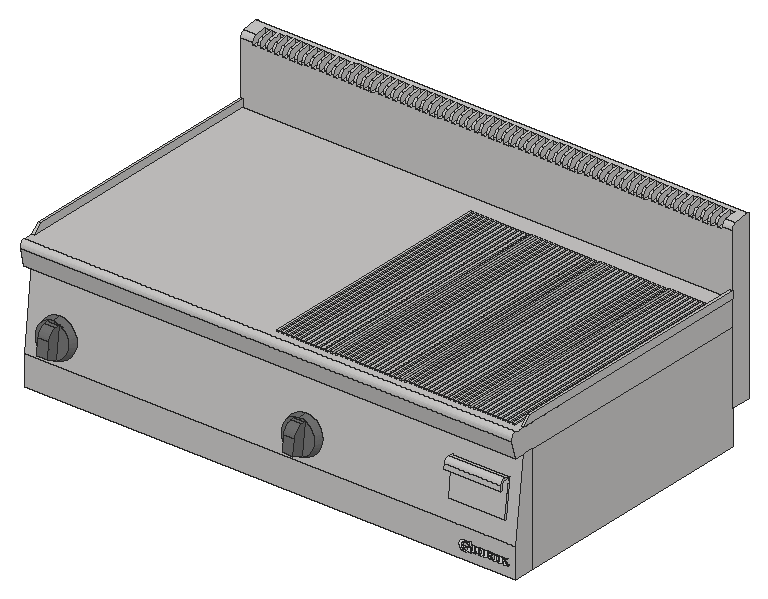
Revit family "QF_GIORIK_LGE6967", category Specialty Equipment, Revit 2014
Parameters (values of type "LGE6967")
  Weight in Pounds = 209.4389
  Watts = 10800 W
  Volts = 400 V
  URL Cutsheet = "www.giorik.com"
  URL = "www.giorik.com"
  Status [instance] = ""
  Specification by User [instance] = ""
  Specification by Manufacturer = ""
  Show Logo [instance] = yes
  Show Clearance [instance] = yes
  Serial Number = ""
  Seismic Rating = ""
  SMACNA No = ""
  Revision Code [instance] = ""
  Phase = 3
  Number of Poles [instance] = 3
  NAFEM Spec ID Number = ""
  Model = "LGE6967"
  Min Ckt Ampacity = 0 A
  Max Overcurrent Protection = 0 A
  Masterspec = ""
  Manufacturer = "GIORIK"
  Item Number [instance] = ""
  Installed By [instance] = ""
  Identify Quantity as Lot [instance] = no
  HP = "14.483016000000"
  Furnished By [instance] = ""
  Foodservice Equipment Identifier [instance] = yes
  FL Amps = 0 A
  Electrical Remarks [instance] = ""
  Electric Connection Type [instance] = ""
  Elec Conn RI Height [instance] = 0 mm
  Elec Conn Connection Height [instance] = 45 mm
  Description = "COUNTERTOP GAS GRIDDLE - SMOOTH/RIBBEDPLATE"
  Cycle = 50 Hz
  Conn Plug = ""
  CSI MasterFormat = ""
  Assembly Code = "E1090320"
  Apparent Power = 10800 VA
Reference planes
  plane 1 "Back": y = 0
  plane 2: z = 0
  plane 3 "Left": x = 0
  plane 4 "Right": x = 1000
  plane 5 "Front": y = -600
  plane 6 "Top": z = 430
Forms (mm)
  Extrusion 1, solid
    sketch origin (437.5, 54.539, -573.525) x (1, 0, 0) y (0, 1, 0)
      loop
        line (62.5, -135) -> (62.5, -628.345) -> (67.5, -628.345) -> (67.5, -135) -> (62.5, -135)
      loop
        line (72.5, -135) -> (72.5, -628.345) -> (77.5, -628.345) -> (77.5, -135) -> (72.5, -135)
      loop
        line (82.5, -135) -> (82.5, -628.345) -> (87.5, -628.345) -> (87.5, -135) -> (82.5, -135)
      loop
        line (92.5, -135) -> (92.5, -628.345) -> (97.5, -628.345) -> (97.5, -135) -> (92.5, -135)
      loop
        line (102.5, -135) -> (102.5, -628.345) -> (107.5, -628.345) -> (107.5, -135) -> (102.5, -135)
      loop
        line (112.5, -135) -> (112.5, -628.345) -> (117.5, -628.345) -> (117.5, -135) -> (112.5, -135)
      loop
        line (122.5, -135) -> (122.5, -628.345) -> (127.5, -628.345) -> (127.5, -135) -> (122.5, -135)
      loop
        line (132.5, -135) -> (132.5, -628.345) -> (137.5, -628.345) -> (137.5, -135) -> (132.5, -135)
      loop
        line (142.5, -135) -> (142.5, -628.345) -> (147.5, -628.345) -> (147.5, -135) -> (142.5, -135)
      loop
        line (152.5, -135) -> (152.5, -628.345) -> (157.5, -628.345) -> (157.5, -135) -> (152.5, -135)
      loop
        line (162.5, -135) -> (162.5, -628.345) -> (167.5, -628.345) -> (167.5, -135) -> (162.5, -135)
      loop
        line (172.5, -135) -> (172.5, -628.345) -> (177.5, -628.345) -> (177.5, -135) -> (172.5, -135)
      loop
        line (182.5, -135) -> (182.5, -628.345) -> (187.5, -628.345) -> (187.5, -135) -> (182.5, -135)
      loop
        line (192.5, -135) -> (192.5, -628.345) -> (197.5, -628.345) -> (197.5, -135) -> (192.5, -135)
      loop
        line (202.5, -135) -> (202.5, -628.345) -> (207.5, -628.345) -> (207.5, -135) -> (202.5, -135)
      loop
        line (212.5, -135) -> (212.5, -628.345) -> (217.5, -628.345) -> (217.5, -135) -> (212.5, -135)
      loop
        line (222.5, -135) -> (222.5, -628.345) -> (227.5, -628.345) -> (227.5, -135) -> (222.5, -135)
      loop
        line (232.5, -135) -> (232.5, -628.345) -> (237.5, -628.345) -> (237.5, -135) -> (232.5, -135)
      loop
        line (242.5, -135) -> (242.5, -628.345) -> (247.5, -628.345) -> (247.5, -135) -> (242.5, -135)
      loop
        line (252.5, -135) -> (252.5, -628.345) -> (257.5, -628.345) -> (257.5, -135) -> (252.5, -135)
      loop
        line (262.5, -135) -> (262.5, -628.345) -> (267.5, -628.345) -> (267.5, -135) -> (262.5, -135)
      loop
        line (272.5, -135) -> (272.5, -628.345) -> (277.5, -628.345) -> (277.5, -135) -> (272.5, -135)
      loop
        line (282.5, -135) -> (282.5, -628.345) -> (287.5, -628.345) -> (287.5, -135) -> (282.5, -135)
      loop
        line (292.5, -135) -> (292.5, -628.345) -> (297.5, -628.345) -> (297.5, -135) -> (292.5, -135)
      loop
        line (302.5, -135) -> (302.5, -628.345) -> (307.5, -628.345) -> (307.5, -135) -> (302.5, -135)
      loop
        line (312.5, -135) -> (312.5, -628.345) -> (317.5, -628.345) -> (317.5, -135) -> (312.5, -135)
      loop
        line (322.5, -135) -> (322.5, -628.345) -> (327.5, -628.345) -> (327.5, -135) -> (322.5, -135)
      loop
        line (332.5, -135) -> (332.5, -628.345) -> (337.5, -628.345) -> (337.5, -135) -> (332.5, -135)
      loop
        line (342.5, -135) -> (342.5, -628.345) -> (347.5, -628.345) -> (347.5, -135) -> (342.5, -135)
      loop
        line (352.5, -135) -> (352.5, -628.345) -> (357.5, -628.345) -> (357.5, -135) -> (352.5, -135)
      loop
        line (362.5, -135) -> (362.5, -628.345) -> (367.5, -628.345) -> (367.5, -135) -> (362.5, -135)
      loop
        line (372.5, -135) -> (372.5, -628.345) -> (377.5, -628.345) -> (377.5, -135) -> (372.5, -135)
      loop
        line (382.5, -135) -> (382.5, -628.345) -> (387.5, -628.345) -> (387.5, -135) -> (382.5, -135)
      loop
        line (392.5, -135) -> (392.5, -628.345) -> (397.5, -628.345) -> (397.5, -135) -> (392.5, -135)
      loop
        line (402.5, -135) -> (402.5, -628.345) -> (407.5, -628.345) -> (407.5, -135) -> (402.5, -135)
      loop
        line (412.5, -135) -> (412.5, -628.345) -> (417.5, -628.345) -> (417.5, -135) -> (412.5, -135)
      loop
        line (422.5, -135) -> (422.5, -628.345) -> (427.5, -628.345) -> (427.5, -135) -> (422.5, -135)
      loop
        line (432.5, -135) -> (432.5, -628.345) -> (437.5, -628.345) -> (437.5, -135) -> (432.5, -135)
      loop
        line (442.5, -135) -> (442.5, -628.345) -> (447.5, -628.345) -> (447.5, -135) -> (442.5, -135)
      loop
        line (452.5, -135) -> (452.5, -628.345) -> (457.5, -628.345) -> (457.5, -135) -> (452.5, -135)
      loop
        line (462.5, -135) -> (462.5, -628.345) -> (467.5, -628.345) -> (467.5, -135) -> (462.5, -135)
      loop
        line (472.5, -135) -> (472.5, -628.345) -> (477.5, -628.345) -> (477.5, -135) -> (472.5, -135)
      loop
        line (482.5, -135) -> (482.5, -628.345) -> (487.5, -628.345) -> (487.5, -135) -> (482.5, -135)
      loop
        line (492.5, -135) -> (492.5, -628.345) -> (497.5, -628.345) -> (497.5, -135) -> (492.5, -135)
      loop
        line (502.5, -135) -> (502.5, -628.345) -> (507.5, -628.345) -> (507.5, -135) -> (502.5, -135)
      loop
        line (512.5, -135) -> (512.5, -628.345) -> (517.5, -628.345) -> (517.5, -135) -> (512.5, -135)
      loop
        line (522.5, -135) -> (522.5, -628.345) -> (527.5, -628.345) -> (527.5, -135) -> (522.5, -135)
      loop
        line (532.5, -135) -> (532.5, -628.345) -> (537.5, -628.345) -> (537.5, -135) -> (532.5, -135)
      loop
        line (542.5, -135) -> (542.5, -628.345) -> (547.5, -628.345) -> (547.5, -135) -> (542.5, -135)
    from 863.5 to 865.5
  Extrusion 2, solid
    sketch origin (0, 1000, -580) x (0, 1, 0) y (0, 0, 1)
      loop
        line (-1040.007, 869.975) -> (-1589.445, 869.975)
        arc (-1589.445, 869.975) -> (-1598.171, 865.672) -> (-1600.069, 856.13) r 10.999
        line (-1600.069, 856.13) -> (-1590.388, 820) -> (-1040.007, 820) -> (-1040.007, 869.975)
    from 0 to 1000
  Extrusion 3, solid
    sketch origin (0, 0, -560) x (0, 1, 0) y (0, 0, 1)
      loop
        line (-570.06, 849.975) -> (-40.007, 849.975) -> (-40.007, 865.387) -> (-554.648, 865.387) -> (-570.06, 849.975)
    from 0 to 5
  Extrusion 4, solid
    sketch origin (0, 0, -560) x (0, 1, 0) y (0, 0, 1)
      loop
        line (-40.007, 800) -> (-550, 800) -> (-550, 580) -> (-40.007, 580) -> (-40.007, 800)
    from 0 to 1000
  Extrusion 5, solid
    sketch origin (0, 0, -560) x (0, 1, 0) y (0, 0, 1)
      loop
        line (-550, 800) -> (-570.5, 800) -> (-590, 640) -> (-590, 580) -> (-550, 580) -> (-550, 800)
    from 0 to 1000
  Revolve 6, solid
    sketch origin (75.155, 0.456, -560.03) x (0, 1, 0) y (0, 0, 1)
      loop
        line (-598.03, 706.389) -> (-594.27, 737.013) -> (-609.648, 734.852) -> (-613.772, 701.269) -> (-581.482, 697.305) -> (-580.629, 704.252) -> (-598.03, 706.389)
      axis (-581.482, 697.305) -> (-613.772, 701.269)
    angle from 0 to 360
  Extrusion 7, solid
    sketch origin (598.094, 0, -560) x (0, 1, 0) y (0, 0, 1)
      loop
        line (-570.06, 849.975) -> (-40.007, 849.975) -> (-40.007, 865.387) -> (-554.648, 865.387) -> (-570.06, 849.975)
    from 396.962 to 401.906
  Extrusion 8, solid
    sketch origin (0, 0, -560) x (0, 1, 0) y (0, 0, 1)
      loop
        line (-40.007, 974.217) -> (-40.007, 650.827) -> (0, 650.827) -> (0, 988.42)
        arc (0, 988.42) -> (-0.57, 989.648) -> (-1.878, 990) r 1.6
        line (-1.878, 990) -> (-31.072, 984.852)
        arc (-31.072, 984.852) -> (-37.477, 981.162) -> (-40.007, 974.217) r 10.797
    from 0 to 1000
  Extrusion 9, solid
    sketch origin (-87.831, 0.456, -560.03) x (0, 1, 0) y (0, 0, 1)
      loop
        line (-635.843, 711.553) -> (-639.647, 680.575) -> (-617.415, 671.593) -> (-610.135, 730.882) -> (-617.934, 729.786)
        arc (-617.934, 729.786) -> (-629.982, 723.708) -> (-635.843, 711.553) r 20.998
    from 151.831 to 173.831
  Revolve 10, solid
    sketch origin (575.155, 0.456, -560.03) x (0, 1, 0) y (0, 0, 1)
      loop
        line (-598.03, 706.389) -> (-594.27, 737.013) -> (-609.648, 734.852) -> (-613.772, 701.269) -> (-581.482, 697.305) -> (-580.629, 704.252) -> (-598.03, 706.389)
      axis (-581.482, 697.305) -> (-613.772, 701.269)
    angle from 0 to 360
  Extrusion 11, solid
    sketch origin (412.169, 0.456, -560.03) x (0, 1, 0) y (0, 0, 1)
      loop
        line (-635.843, 711.553) -> (-639.647, 680.575) -> (-617.415, 671.593) -> (-610.135, 730.882) -> (-617.934, 729.786)
        arc (-617.934, 729.786) -> (-629.982, 723.708) -> (-635.843, 711.553) r 20.998
    from 151.831 to 173.831
  Extrusion 12, solid, visible <- "Show Logo"
    sketch origin (791.604, -590.5, -6.113) x (-1, 0, 0) y (0, 0, 1)
      loop
        line (-118.824, 58.358) -> (-127.804, 58.358) -> (-125.523, 56.445) -> (-125.523, 48.027) -> (-127.804, 46.113) -> (-118.824, 46.113) -> (-121.105, 48.027) -> (-121.105, 56.445) -> (-118.824, 58.358)
      loop
        line (-163.721, 58.358) -> (-172.7, 58.358) -> (-170.42, 56.445) -> (-170.42, 48.027) -> (-172.7, 46.113) -> (-163.721, 46.113) -> (-166.001, 48.027) -> (-166.001, 56.445) -> (-163.721, 58.358)
      loop
        line (-174.332, 58.358) -> (-183.312, 58.358) -> (-181.031, 56.445) -> (-181.031, 52.435) -> (-186.419, 56.955) -> (-184.416, 58.358) -> (-191.268, 58.358) -> (-188.01, 56.839) -> (-185.455, 54.283) -> (-190.846, 47.858) -> (-193.396, 46.93) -> (-193.396, 46.113) -> (-184.416, 46.113) -> (-185.437, 47.571) -> (-182.443, 51.552) -> (-181.031, 50.894) -> (-181.031, 48.027) -> (-183.312, 46.113) -> (-174.332, 46.113) -> (-176.613, 48.027) -> (-176.613, 56.445) -> (-174.332, 58.358)
      loop
        line (-115.429, 62.063) -> (-115.429, 54.198)
        arc (-115.429, 54.198) -> (-111.618, 57.803) -> (-106.847, 59.986) r 16.039
        arc (-106.847, 59.986) -> (-103.314, 59.837) -> (-100.512, 57.68) r 5.851
        arc (-100.512, 57.68) -> (-98.815, 52.267) -> (-100.512, 46.853) r 9.479
        arc (-100.512, 46.853) -> (-102.406, 44.986) -> (-104.846, 43.93) r 7.236
        arc (-104.846, 43.93) -> (-107.728, 44.111) -> (-110.052, 45.825) r 5.11
        line (-110.052, 45.825) -> (-110.052, 52.001) -> (-116.141, 52.001) -> (-116.141, 45.503) -> (-117.893, 43.751) -> (-114.094, 44.769)
        arc (-114.094, 44.769) -> (-112.56, 44.947) -> (-111.129, 44.366) r 3.115
        arc (-111.129, 44.366) -> (-104.216, 42.091) -> (-97.303, 44.366) r 11.641
        arc (-97.303, 44.366) -> (-93.396, 52.107) -> (-97.303, 59.849) r 9.622
        arc (-97.303, 59.849) -> (-104.369, 62.174) -> (-111.435, 59.849) r 11.898
        line (-111.435, 59.849) -> (-115.429, 62.063)
      loop
        arc (-129.234, 56.068) -> (-135.893, 58.628) -> (-142.552, 56.068) r 9.941
        arc (-142.552, 56.068) -> (-144.234, 52.286) -> (-142.552, 48.505) r 5.093
        arc (-142.552, 48.505) -> (-135.893, 45.945) -> (-129.234, 48.505) r 9.941
        arc (-129.234, 48.505) -> (-127.552, 52.286) -> (-129.234, 56.068) r 5.093
      loop
        arc (-132.628, 54.403) -> (-135.893, 57.668) -> (-139.158, 54.403) r 3.265
        line (-139.158, 54.403) -> (-139.158, 50.169)
        arc (-139.158, 50.169) -> (-135.893, 46.904) -> (-132.628, 50.169) r 3.265
        line (-132.628, 50.169) -> (-132.628, 54.403)
      loop
        arc (-156.363, 58.365) -> (-159.647, 55.081) -> (-156.363, 51.796) r 3.285
        line (-156.363, 51.796) -> (-159.529, 47.306) -> (-162.087, 46.113) -> (-155.847, 46.113) -> (-153.529, 51.083) -> (-150.637, 51.083) -> (-150.637, 47.784) -> (-153.022, 46.113) -> (-144.011, 46.113) -> (-146.094, 47.68) -> (-146.094, 56.493) -> (-144.229, 58.365) -> (-156.363, 58.365)
      loop
        line (-150.637, 57.512) -> (-153.637, 57.512)
        arc (-153.637, 57.512) -> (-156.237, 54.912) -> (-153.637, 52.312) r 2.6
        line (-153.637, 52.312) -> (-150.637, 52.312) -> (-150.637, 57.512)
      loop
        line (-108.924, 52.001) -> (-104.936, 49.005) -> (-100.948, 52.001) -> (-108.924, 52.001)
    from 1.5 to -0.5
  Extrusion 13, void
    sketch origin (10, 0, 430) x (0, 1, 0) y (-1, 0, 0)
      loop
        line (-40.007, -25) -> (-9.931, -25) -> (-9.931, -15) -> (-40.007, -15) -> (-40.007, -25)
      loop
        line (-40.007, -40) -> (-9.931, -40) -> (-9.931, -30) -> (-40.007, -30) -> (-40.007, -40)
      loop
        line (-40.007, -55) -> (-9.931, -55) -> (-9.931, -45) -> (-40.007, -45) -> (-40.007, -55)
      loop
        line (-40.007, -70) -> (-9.931, -70) -> (-9.931, -60) -> (-40.007, -60) -> (-40.007, -70)
      loop
        line (-40.007, -85) -> (-9.931, -85) -> (-9.931, -75) -> (-40.007, -75) -> (-40.007, -85)
      loop
        line (-40.007, -100) -> (-9.931, -100) -> (-9.931, -90) -> (-40.007, -90) -> (-40.007, -100)
      loop
        line (-40.007, -115) -> (-9.931, -115) -> (-9.931, -105) -> (-40.007, -105) -> (-40.007, -115)
      loop
        line (-40.007, -130) -> (-9.931, -130) -> (-9.931, -120) -> (-40.007, -120) -> (-40.007, -130)
      loop
        line (-40.007, -145) -> (-9.931, -145) -> (-9.931, -135) -> (-40.007, -135) -> (-40.007, -145)
      loop
        line (-40.007, -160) -> (-9.931, -160) -> (-9.931, -150) -> (-40.007, -150) -> (-40.007, -160)
      loop
        line (-40.007, -175) -> (-9.931, -175) -> (-9.931, -165) -> (-40.007, -165) -> (-40.007, -175)
      loop
        line (-40.007, -190) -> (-9.931, -190) -> (-9.931, -180) -> (-40.007, -180) -> (-40.007, -190)
      loop
        line (-40.007, -205) -> (-9.931, -205) -> (-9.931, -195) -> (-40.007, -195) -> (-40.007, -205)
      loop
        line (-40.007, -220) -> (-9.931, -220) -> (-9.931, -210) -> (-40.007, -210) -> (-40.007, -220)
      loop
        line (-40.007, -235) -> (-9.931, -235) -> (-9.931, -225) -> (-40.007, -225) -> (-40.007, -235)
      loop
        line (-40.007, -250) -> (-9.931, -250) -> (-9.931, -240) -> (-40.007, -240) -> (-40.007, -250)
      loop
        line (-40.007, -265) -> (-9.931, -265) -> (-9.931, -255) -> (-40.007, -255) -> (-40.007, -265)
      loop
        line (-40.007, -280) -> (-9.931, -280) -> (-9.931, -270) -> (-40.007, -270) -> (-40.007, -280)
      loop
        line (-40.007, -295) -> (-9.931, -295) -> (-9.931, -285) -> (-40.007, -285) -> (-40.007, -295)
      loop
        line (-40.007, -310) -> (-9.931, -310) -> (-9.931, -300) -> (-40.007, -300) -> (-40.007, -310)
      loop
        line (-40.007, -325) -> (-9.931, -325) -> (-9.931, -315) -> (-40.007, -315) -> (-40.007, -325)
      loop
        line (-40.007, -340) -> (-9.931, -340) -> (-9.931, -330) -> (-40.007, -330) -> (-40.007, -340)
      loop
        line (-40.007, -355) -> (-9.931, -355) -> (-9.931, -345) -> (-40.007, -345) -> (-40.007, -355)
      loop
        line (-40.007, -370) -> (-9.931, -370) -> (-9.931, -360) -> (-40.007, -360) -> (-40.007, -370)
      loop
        line (-40.007, -385) -> (-9.931, -385) -> (-9.931, -375) -> (-40.007, -375) -> (-40.007, -385)
      loop
        line (-40.007, -400) -> (-9.931, -400) -> (-9.931, -390) -> (-40.007, -390) -> (-40.007, -400)
      loop
        line (-40.007, -415) -> (-9.931, -415) -> (-9.931, -405) -> (-40.007, -405) -> (-40.007, -415)
      loop
        line (-40.007, -430) -> (-9.931, -430) -> (-9.931, -420) -> (-40.007, -420) -> (-40.007, -430)
      loop
        line (-40.007, -445) -> (-9.931, -445) -> (-9.931, -435) -> (-40.007, -435) -> (-40.007, -445)
      loop
        line (-40.007, -460) -> (-9.931, -460) -> (-9.931, -450) -> (-40.007, -450) -> (-40.007, -460)
      loop
        line (-40.007, -475) -> (-9.931, -475) -> (-9.931, -465) -> (-40.007, -465) -> (-40.007, -475)
      loop
        line (-40.007, -490) -> (-9.931, -490) -> (-9.931, -480) -> (-40.007, -480) -> (-40.007, -490)
      loop
        line (-40.007, -505) -> (-9.931, -505) -> (-9.931, -495) -> (-40.007, -495) -> (-40.007, -505)
      loop
        line (-40.007, -520) -> (-9.931, -520) -> (-9.931, -510) -> (-40.007, -510) -> (-40.007, -520)
      loop
        line (-40.007, -535) -> (-9.931, -535) -> (-9.931, -525) -> (-40.007, -525) -> (-40.007, -535)
      loop
        line (-40.007, -550) -> (-9.931, -550) -> (-9.931, -540) -> (-40.007, -540) -> (-40.007, -550)
      loop
        line (-40.007, -565) -> (-9.931, -565) -> (-9.931, -555) -> (-40.007, -555) -> (-40.007, -565)
      loop
        line (-40.007, -580) -> (-9.931, -580) -> (-9.931, -570) -> (-40.007, -570) -> (-40.007, -580)
      loop
        line (-40.007, -595) -> (-9.931, -595) -> (-9.931, -585) -> (-40.007, -585) -> (-40.007, -595)
      loop
        line (-40.007, -610) -> (-9.931, -610) -> (-9.931, -600) -> (-40.007, -600) -> (-40.007, -610)
      loop
        line (-40.007, -625) -> (-9.931, -625) -> (-9.931, -615) -> (-40.007, -615) -> (-40.007, -625)
      loop
        line (-40.007, -640) -> (-9.931, -640) -> (-9.931, -630) -> (-40.007, -630) -> (-40.007, -640)
      loop
        line (-40.007, -655) -> (-9.931, -655) -> (-9.931, -645) -> (-40.007, -645) -> (-40.007, -655)
      loop
        line (-40.007, -670) -> (-9.931, -670) -> (-9.931, -660) -> (-40.007, -660) -> (-40.007, -670)
      loop
        line (-40.007, -685) -> (-9.931, -685) -> (-9.931, -675) -> (-40.007, -675) -> (-40.007, -685)
      loop
        line (-40.007, -700) -> (-9.931, -700) -> (-9.931, -690) -> (-40.007, -690) -> (-40.007, -700)
      loop
        line (-40.007, -715) -> (-9.931, -715) -> (-9.931, -705) -> (-40.007, -705) -> (-40.007, -715)
      loop
        line (-40.007, -730) -> (-9.931, -730) -> (-9.931, -720) -> (-40.007, -720) -> (-40.007, -730)
      loop
        line (-40.007, -745) -> (-9.931, -745) -> (-9.931, -735) -> (-40.007, -735) -> (-40.007, -745)
      loop
        line (-40.007, -760) -> (-9.931, -760) -> (-9.931, -750) -> (-40.007, -750) -> (-40.007, -760)
      loop
        line (-40.007, -775) -> (-9.931, -775) -> (-9.931, -765) -> (-40.007, -765) -> (-40.007, -775)
      loop
        line (-40.007, -790) -> (-9.931, -790) -> (-9.931, -780) -> (-40.007, -780) -> (-40.007, -790)
      loop
        line (-40.007, -805) -> (-9.931, -805) -> (-9.931, -795) -> (-40.007, -795) -> (-40.007, -805)
      loop
        line (-40.007, -820) -> (-9.931, -820) -> (-9.931, -810) -> (-40.007, -810) -> (-40.007, -820)
      loop
        line (-40.007, -835) -> (-9.931, -835) -> (-9.931, -825) -> (-40.007, -825) -> (-40.007, -835)
      loop
        line (-40.007, -850) -> (-9.931, -850) -> (-9.931, -840) -> (-40.007, -840) -> (-40.007, -850)
      loop
        line (-40.007, -865) -> (-9.931, -865) -> (-9.931, -855) -> (-40.007, -855) -> (-40.007, -865)
      loop
        line (-40.007, -880) -> (-9.931, -880) -> (-9.931, -870) -> (-40.007, -870) -> (-40.007, -880)
      loop
        line (-40.007, -895) -> (-9.931, -895) -> (-9.931, -885) -> (-40.007, -885) -> (-40.007, -895)
      loop
        line (-40.007, -910) -> (-9.931, -910) -> (-9.931, -900) -> (-40.007, -900) -> (-40.007, -910)
      loop
        line (-40.007, -925) -> (-9.931, -925) -> (-9.931, -915) -> (-40.007, -915) -> (-40.007, -925)
      loop
        line (-40.007, -940) -> (-9.931, -940) -> (-9.931, -930) -> (-40.007, -930) -> (-40.007, -940)
      loop
        line (-40.007, -955) -> (-9.931, -955) -> (-9.931, -945) -> (-40.007, -945) -> (-40.007, -955)
      loop
        line (-40.007, -970) -> (-9.931, -970) -> (-9.931, -960) -> (-40.007, -960) -> (-40.007, -970)
    from 0 to -20
  Extrusion 14, solid
    sketch origin (566.603, 15.293, -30) x (0, 1, 0) y (-1, 0, 0)
      loop
        circle (-79.293, 516.603) r 5
    from 41.965 to 50
  Revolve 15, solid
    sketch origin (50, 19.943, -600) x (0, 1, 0) y (0, 0, 1)
      loop
        line (-83.943, 611.965) -> (-94.752, 611.965) -> (-97.943, 600) -> (-83.943, 600) -> (-83.943, 611.965)
      axis (-83.943, 611.965) -> (-83.943, 600)
    angle from 0 to 360
  Extrusion 16, solid
    sketch origin (433.397, 15.293, -30) x (0, 1, 0) y (-1, 0, 0)
      loop
        circle (-79.293, -516.603) r 5
    from 41.965 to 50
  Revolve 17, solid
    sketch origin (950, 19.943, -600) x (0, 1, 0) y (0, 0, -1)
      loop
        line (-83.943, -611.965) -> (-83.943, -600) -> (-97.943, -600) -> (-94.752, -611.965) -> (-83.943, -611.965)
      axis (-83.943, -611.965) -> (-83.943, -600)
    angle from 0 to 360
  Extrusion 18, solid
    sketch origin (566.603, -459.707, -30) x (0, 1, 0) y (-1, 0, 0)
      loop
        circle (-79.293, 516.603) r 5
    from 41.965 to 50
  Revolve 19, solid
    sketch origin (50, -455.057, -600) x (0, 1, 0) y (0, 0, 1)
      loop
        line (-83.943, 611.965) -> (-94.752, 611.965) -> (-97.943, 600) -> (-83.943, 600) -> (-83.943, 611.965)
      axis (-83.943, 611.965) -> (-83.943, 600)
    angle from 0 to 360
  Extrusion 20, solid
    sketch origin (433.397, -459.707, -30) x (0, 1, 0) y (-1, 0, 0)
      loop
        circle (-79.293, -516.603) r 5
    from 41.965 to 50
  Revolve 21, solid
    sketch origin (950, -455.057, -600) x (0, 1, 0) y (0, 0, -1)
      loop
        line (-83.943, -611.965) -> (-83.943, -600) -> (-97.943, -600) -> (-94.752, -611.965) -> (-83.943, -611.965)
      axis (-83.943, -611.965) -> (-83.943, -600)
    angle from 0 to 360
  Extrusion 22, solid
    sketch origin (722.5, -693.34, -437.283) x (0, 0.992655, -0.12098) y (0, 0.12098, 0.992655)
      loop
        line (40, 640.1) -> (30, 640.1)
        arc (30, 640.1) -> (22.929, 637.171) -> (20, 630.1) r 10
        line (20, 630.1) -> (20, 620.1) -> (22, 620.1) -> (22, 630.1)
        arc (22, 630.1) -> (24.343, 635.757) -> (30, 638.1) r 8
        line (30, 638.1) -> (38, 638.1) -> (38, 565.1) -> (40, 565.1) -> (40, 640.1)
    from 137.5 to 252.5
  Extrusion 23, solid
    sketch origin (-70, 0, 45) x (1, 0, 0) y (0, 0, 1)
      loop
        circle (1000, 0) r 12.5
    from 20.476 to 40.007
Cuts and joins
  Extrusion 13 cuts Extrusion 8
Lines and regions (mm)
  symbolic lines, style "200-EquipBorder-2D"
    curve 1: line (1000, 0, 0) -> (0, 0, 0)
    curve 2: line (0, 0, 0) -> (0, -600, 0)
    curve 3: line (1000, 0, 430) -> (1000, -600, 430)
    curve 395: line (0, -600, 430) -> (1000, -600, 430)
    curve 398: spline (64, -617.202, 990) -> (60.789, -617.041, 990) -> (57.73, -616.841, 990) -> (54.856, -616.604, 990) -> (52.196, -616.332, 990) -> (49.779, -616.028, 990) -> (47.63, -615.696, 990) -> (45.772, -615.338, 990) -> (44.225, -614.96, 990) -> (43.004, -614.563, 990) -> (42.122, -614.154, 990) -> (41.59, -613.736, 990) -> (41.412, -613.313, 990)
    curve 399: spline (109.073, -613.408, 990) -> (108.819, -613.826, 990) -> (108.218, -614.239, 990) -> (107.275, -614.643, 990) -> (106.001, -615.033, 990) -> (104.408, -615.405, 990) -> (102.513, -615.755, 990) -> (100.336, -616.08, 990) -> (97.898, -616.376, 990) -> (95.227, -616.641, 990) -> (92.348, -616.871, 990) -> (89.293, -617.065, 990) -> (86.091, -617.219, 990)
    curve 400: line (41.412, -613.313, 990) -> (37.735, -600, 990)
    curve 401: line (109.073, -613.408, 990) -> (112.578, -600, 990)
    curve 402: line (64, -639.19, 430) -> (64, -609.679, 430)
    curve 403: line (64, -639.19, 430) -> (86, -639.19, 430)
    curve 404: line (86, -639.19, 430) -> (86, -609.679, 430)
    curve 405: spline (41.412, -613.313, 430) -> (42.564, -612.264, 430) -> (45.941, -611.286, 430) -> (51.314, -610.446, 430) -> (58.316, -609.802, 430) -> (66.47, -609.396, 430) -> (75.22, -609.258, 430) -> (83.97, -609.396, 430) -> (92.124, -609.802, 430) -> (99.126, -610.446, 430) -> (104.499, -611.286, 430) -> (107.877, -612.264, 430) -> (109.029, -613.313, 430)
    curve 406: line (64, -609.679, 430) -> (86, -609.679, 430)
    curve 407: spline (564, -617.202, 990) -> (560.789, -617.041, 990) -> (557.73, -616.841, 990) -> (554.856, -616.604, 990) -> (552.196, -616.332, 990) -> (549.779, -616.028, 990) -> (547.63, -615.696, 990) -> (545.772, -615.338, 990) -> (544.225, -614.96, 990) -> (543.004, -614.563, 990) -> (542.122, -614.154, 990) -> (541.59, -613.736, 990) -> (541.412, -613.313, 990)
    curve 408: spline (609.073, -613.408, 990) -> (608.819, -613.826, 990) -> (608.218, -614.239, 990) -> (607.275, -614.643, 990) -> (606.001, -615.033, 990) -> (604.408, -615.405, 990) -> (602.513, -615.755, 990) -> (600.336, -616.08, 990) -> (597.898, -616.376, 990) -> (595.227, -616.641, 990) -> (592.348, -616.871, 990) -> (589.293, -617.065, 990) -> (586.091, -617.219, 990)
    curve 409: line (541.412, -613.313, 990) -> (537.735, -600, 990)
    curve 410: line (609.073, -613.408, 990) -> (612.578, -600, 990)
    curve 411: line (564, -639.19, 430) -> (564, -609.679, 430)
    curve 412: line (564, -639.19, 430) -> (586, -639.19, 430)
    curve 413: line (586, -639.19, 430) -> (586, -609.679, 430)
    curve 414: spline (541.412, -613.313, 430) -> (542.564, -612.264, 430) -> (545.941, -611.286, 430) -> (551.314, -610.446, 430) -> (558.316, -609.802, 430) -> (566.47, -609.396, 430) -> (575.22, -609.258, 430) -> (583.97, -609.396, 430) -> (592.124, -609.802, 430) -> (599.126, -610.446, 430) -> (604.499, -611.286, 430) -> (607.877, -612.264, 430) -> (609.029, -613.313, 430)
    curve 415: line (564, -609.679, 430) -> (586, -609.679, 430)
  symbolic lines, style "200-EquipInternal-2D"
    curve 4: line (995, -40.007, 430) -> (995, -570.06, 430)
    curve 5: line (995, -570.06, 430) -> (1000, -570.06, 430)
    curve 6: line (505, -80.461, 430) -> (500, -80.461, 430)
    curve 7: line (515, -80.461, 430) -> (510, -80.461, 430)
    curve 8: line (525, -80.461, 430) -> (520, -80.461, 430)
    curve 9: line (535, -80.461, 430) -> (530, -80.461, 430)
    curve 10: line (545, -80.461, 430) -> (540, -80.461, 430)
    curve 11: line (555, -80.461, 430) -> (550, -80.461, 430)
    curve 12: line (565, -80.461, 430) -> (560, -80.461, 430)
    curve 13: line (575, -80.461, 430) -> (570, -80.461, 430)
    curve 14: line (585, -80.461, 430) -> (580, -80.461, 430)
    curve 15: line (580, -80.461, 430) -> (580, -573.806, 430)
    curve 16: line (575, -573.806, 430) -> (575, -80.461, 430)
    curve 17: line (570, -80.461, 430) -> (570, -573.806, 430)
    curve 18: line (565, -573.806, 430) -> (565, -80.461, 430)
    curve 19: line (560, -80.461, 430) -> (560, -573.806, 430)
    curve 20: line (550, -80.461, 430) -> (550, -573.806, 430)
    curve 21: line (555, -573.806, 430) -> (555, -80.461, 430)
    curve 22: line (545, -573.806, 430) -> (545, -80.461, 430)
    curve 23: line (540, -80.461, 430) -> (540, -573.806, 430)
    curve 24: line (535, -573.806, 430) -> (535, -80.461, 430)
    curve 25: line (530, -80.461, 430) -> (530, -573.806, 430)
    curve 26: line (525, -573.806, 430) -> (525, -80.461, 430)
    curve 27: line (520, -80.461, 430) -> (520, -573.806, 430)
    curve 28: line (510, -80.461, 430) -> (510, -573.806, 430)
    curve 29: line (505, -573.806, 430) -> (505, -80.461, 430)
    curve 30: line (500, -80.461, 430) -> (500, -573.806, 430)
    curve 31: line (515, -573.806, 430) -> (515, -80.461, 430)
    curve 32: line (655, -573.806, 430) -> (655, -80.461, 430)
    curve 33: line (650, -80.461, 430) -> (650, -573.806, 430)
    curve 34: line (645, -573.806, 430) -> (645, -80.461, 430)
    curve 35: line (640, -80.461, 430) -> (640, -573.806, 430)
    curve 36: line (635, -573.806, 430) -> (635, -80.461, 430)
    curve 37: line (630, -80.461, 430) -> (630, -573.806, 430)
    curve 38: line (625, -573.806, 430) -> (625, -80.461, 430)
    curve 39: line (620, -80.461, 430) -> (620, -573.806, 430)
    curve 40: line (615, -573.806, 430) -> (615, -80.461, 430)
    curve 41: line (610, -80.461, 430) -> (610, -573.806, 430)
    curve 42: line (605, -573.806, 430) -> (605, -80.461, 430)
    curve 43: line (600, -80.461, 430) -> (600, -573.806, 430)
    curve 44: line (595, -573.806, 430) -> (595, -80.461, 430)
    curve 45: line (590, -80.461, 430) -> (590, -573.806, 430)
    curve 46: line (585, -573.806, 430) -> (585, -80.461, 430)
    curve 47: line (595, -80.461, 430) -> (590, -80.461, 430)
    curve 48: line (605, -80.461, 430) -> (600, -80.461, 430)
    curve 49: line (615, -80.461, 430) -> (610, -80.461, 430)
    curve 50: line (625, -80.461, 430) -> (620, -80.461, 430)
    curve 51: line (635, -80.461, 430) -> (630, -80.461, 430)
    curve 52: line (645, -80.461, 430) -> (640, -80.461, 430)
    curve 53: line (655, -80.461, 430) -> (650, -80.461, 430)
    curve 54: line (660, -80.461, 430) -> (660, -573.806, 430)
    curve 55: line (665, -573.806, 430) -> (665, -80.461, 430)
    curve 56: line (670, -80.461, 430) -> (670, -573.806, 430)
    curve 57: line (675, -573.806, 430) -> (675, -80.461, 430)
    curve 58: line (680, -80.461, 430) -> (680, -573.806, 430)
    curve 59: line (685, -573.806, 430) -> (685, -80.461, 430)
    curve 60: line (690, -80.461, 430) -> (690, -573.806, 430)
    curve 61: line (695, -573.806, 430) -> (695, -80.461, 430)
    curve 62: line (700, -80.461, 430) -> (700, -573.806, 430)
    curve 63: line (705, -573.806, 430) -> (705, -80.461, 430)
    curve 64: line (710, -80.461, 430) -> (710, -573.806, 430)
    curve 65: line (715, -573.806, 430) -> (715, -80.461, 430)
    curve 66: line (720, -80.461, 430) -> (720, -573.806, 430)
    curve 67: line (725, -573.806, 430) -> (725, -80.461, 430)
    curve 68: line (730, -80.461, 430) -> (730, -573.806, 430)
    curve 69: line (735, -573.806, 430) -> (735, -80.461, 430)
    curve 70: line (740, -80.461, 430) -> (740, -573.806, 430)
    curve 71: line (745, -573.806, 430) -> (745, -80.461, 430)
    curve 72: line (750, -80.461, 430) -> (750, -573.806, 430)
    curve 73: line (755, -573.806, 430) -> (755, -80.461, 430)
    curve 74: line (760, -80.461, 430) -> (760, -573.806, 430)
    curve 75: line (765, -573.806, 430) -> (765, -80.461, 430)
    curve 76: line (770, -80.461, 430) -> (770, -573.806, 430)
    curve 77: line (775, -573.806, 430) -> (775, -80.461, 430)
    curve 78: line (780, -80.461, 430) -> (780, -573.806, 430)
    curve 79: line (785, -573.806, 430) -> (785, -80.461, 430)
    curve 80: line (790, -80.461, 430) -> (790, -573.806, 430)
    curve 81: line (795, -573.806, 430) -> (795, -80.461, 430)
    curve 82: line (800, -80.461, 430) -> (800, -573.806, 430)
    curve 83: line (805, -573.806, 430) -> (805, -80.461, 430)
    curve 84: line (810, -80.461, 430) -> (810, -573.806, 430)
    curve 85: line (815, -573.806, 430) -> (815, -80.461, 430)
    curve 86: line (825, -573.806, 430) -> (825, -80.461, 430)
    curve 87: line (820, -80.461, 430) -> (820, -573.806, 430)
    curve 88: line (830, -80.461, 430) -> (830, -573.806, 430)
    curve 89: line (835, -573.806, 430) -> (835, -80.461, 430)
    curve 90: line (840, -80.461, 430) -> (840, -573.806, 430)
    curve 91: line (845, -573.806, 430) -> (845, -80.461, 430)
    curve 92: line (850, -80.461, 430) -> (850, -573.806, 430)
    curve 93: line (855, -573.806, 430) -> (855, -80.461, 430)
    curve 94: line (860, -80.461, 430) -> (860, -573.806, 430)
    curve 95: line (865, -573.806, 430) -> (865, -80.461, 430)
    curve 96: line (870, -80.461, 430) -> (870, -573.806, 430)
    curve 97: line (875, -573.806, 430) -> (875, -80.461, 430)
    curve 98: line (880, -80.461, 430) -> (880, -573.806, 430)
    curve 99: line (875, -80.461, 430) -> (870, -80.461, 430)
    curve 100: line (865, -80.461, 430) -> (860, -80.461, 430)
    curve 101: line (855, -80.461, 430) -> (850, -80.461, 430)
    curve 102: line (845, -80.461, 430) -> (840, -80.461, 430)
    curve 103: line (835, -80.461, 430) -> (830, -80.461, 430)
    curve 104: line (825, -80.461, 430) -> (820, -80.461, 430)
    curve 105: line (815, -80.461, 430) -> (810, -80.461, 430)
    curve 106: line (805, -80.461, 430) -> (800, -80.461, 430)
    curve 107: line (795, -80.461, 430) -> (790, -80.461, 430)
    curve 108: line (785, -80.461, 430) -> (780, -80.461, 430)
    curve 109: line (775, -80.461, 430) -> (770, -80.461, 430)
    curve 110: line (765, -80.461, 430) -> (760, -80.461, 430)
    curve 111: line (755, -80.461, 430) -> (750, -80.461, 430)
    curve 112: line (745, -80.461, 430) -> (740, -80.461, 430)
    curve 113: line (735, -80.461, 430) -> (730, -80.461, 430)
    curve 114: line (725, -80.461, 430) -> (720, -80.461, 430)
    curve 115: line (715, -80.461, 430) -> (710, -80.461, 430)
    curve 116: line (665, -80.461, 430) -> (660, -80.461, 430)
    curve 117: line (675, -80.461, 430) -> (670, -80.461, 430)
    curve 118: line (685, -80.461, 430) -> (680, -80.461, 430)
    curve 119: line (695, -80.461, 430) -> (690, -80.461, 430)
    curve 120: line (705, -80.461, 430) -> (700, -80.461, 430)
    curve 121: line (885, -80.461, 430) -> (880, -80.461, 430)
    curve 122: line (885, -573.806, 430) -> (885, -80.461, 430)
    curve 123: line (895, -80.461, 430) -> (890, -80.461, 430)
    curve 124: line (905, -80.461, 430) -> (900, -80.461, 430)
    curve 125: line (915, -80.461, 430) -> (910, -80.461, 430)
    curve 126: line (925, -80.461, 430) -> (920, -80.461, 430)
    curve 127: line (935, -80.461, 430) -> (930, -80.461, 430)
    curve 128: line (945, -80.461, 430) -> (940, -80.461, 430)
    curve 129: line (955, -80.461, 430) -> (950, -80.461, 430)
    curve 130: line (965, -80.461, 430) -> (960, -80.461, 430)
    curve 131: line (975, -80.461, 430) -> (970, -80.461, 430)
    curve 132: line (985, -80.461, 430) -> (980, -80.461, 430)
    curve 133: line (985, -573.806, 430) -> (985, -80.461, 430)
    curve 134: line (980, -80.461, 430) -> (980, -573.806, 430)
    curve 135: line (975, -573.806, 430) -> (975, -80.461, 430)
    curve 136: line (970, -80.461, 430) -> (970, -573.806, 430)
    curve 137: line (965, -573.806, 430) -> (965, -80.461, 430)
    curve 138: line (960, -80.461, 430) -> (960, -573.806, 430)
    curve 139: line (955, -573.806, 430) -> (955, -80.461, 430)
    curve 140: line (950, -80.461, 430) -> (950, -573.806, 430)
    curve 141: line (945, -573.806, 430) -> (945, -80.461, 430)
    curve 142: line (940, -80.461, 430) -> (940, -573.806, 430)
    curve 143: line (935, -573.806, 430) -> (935, -80.461, 430)
    curve 144: line (930, -80.461, 430) -> (930, -573.806, 430)
    curve 145: line (895, -573.806, 430) -> (895, -80.461, 430)
    curve 146: line (890, -80.461, 430) -> (890, -573.806, 430)
    curve 147: line (900, -80.461, 430) -> (900, -573.806, 430)
    curve 148: line (905, -573.806, 430) -> (905, -80.461, 430)
    curve 149: line (910, -80.461, 430) -> (910, -573.806, 430)
    curve 150: line (915, -573.806, 430) -> (915, -80.461, 430)
    curve 151: line (920, -80.461, 430) -> (920, -573.806, 430)
    curve 152: line (925, -573.806, 430) -> (925, -80.461, 430)
    curve 153: line (505, -573.806, 430) -> (500, -573.806, 430)
    curve 154: line (515, -573.806, 430) -> (510, -573.806, 430)
    curve 155: line (525, -573.806, 430) -> (520, -573.806, 430)
    curve 156: line (535, -573.806, 430) -> (530, -573.806, 430)
    curve 157: line (545, -573.806, 430) -> (540, -573.806, 430)
    curve 158: line (555, -573.806, 430) -> (550, -573.806, 430)
    curve 159: line (565, -573.806, 430) -> (560, -573.806, 430)
    curve 160: line (575, -573.806, 430) -> (570, -573.806, 430)
    curve 161: line (585, -573.806, 430) -> (580, -573.806, 430)
    curve 162: line (595, -573.806, 430) -> (590, -573.806, 430)
    curve 163: line (605, -573.806, 430) -> (600, -573.806, 430)
    curve 164: line (615, -573.806, 430) -> (610, -573.806, 430)
    curve 165: line (625, -573.806, 430) -> (620, -573.806, 430)
    curve 166: line (635, -573.806, 430) -> (630, -573.806, 430)
    curve 167: line (645, -573.806, 430) -> (640, -573.806, 430)
    curve 168: line (655, -573.806, 430) -> (650, -573.806, 430)
    curve 169: line (875, -573.806, 430) -> (870, -573.806, 430)
    curve 170: line (865, -573.806, 430) -> (860, -573.806, 430)
    curve 171: line (855, -573.806, 430) -> (850, -573.806, 430)
    curve 172: line (845, -573.806, 430) -> (840, -573.806, 430)
    curve 173: line (835, -573.806, 430) -> (830, -573.806, 430)
    curve 174: line (825, -573.806, 430) -> (820, -573.806, 430)
    curve 175: line (815, -573.806, 430) -> (810, -573.806, 430)
    curve 176: line (805, -573.806, 430) -> (800, -573.806, 430)
    curve 177: line (795, -573.806, 430) -> (790, -573.806, 430)
    curve 178: line (785, -573.806, 430) -> (780, -573.806, 430)
    curve 179: line (775, -573.806, 430) -> (770, -573.806, 430)
    curve 180: line (765, -573.806, 430) -> (760, -573.806, 430)
    curve 181: line (755, -573.806, 430) -> (750, -573.806, 430)
    curve 182: line (745, -573.806, 430) -> (740, -573.806, 430)
    curve 183: line (735, -573.806, 430) -> (730, -573.806, 430)
    curve 184: line (725, -573.806, 430) -> (720, -573.806, 430)
    curve 185: line (715, -573.806, 430) -> (710, -573.806, 430)
    curve 186: line (665, -573.806, 430) -> (660, -573.806, 430)
    curve 187: line (675, -573.806, 430) -> (670, -573.806, 430)
    curve 188: line (685, -573.806, 430) -> (680, -573.806, 430)
    curve 189: line (695, -573.806, 430) -> (690, -573.806, 430)
    curve 190: line (705, -573.806, 430) -> (700, -573.806, 430)
    curve 191: line (885, -573.806, 430) -> (880, -573.806, 430)
    curve 192: line (895, -573.806, 430) -> (890, -573.806, 430)
    curve 193: line (905, -573.806, 430) -> (900, -573.806, 430)
    curve 194: line (915, -573.806, 430) -> (910, -573.806, 430)
    curve 195: line (925, -573.806, 430) -> (920, -573.806, 430)
    curve 196: line (935, -573.806, 430) -> (930, -573.806, 430)
    curve 197: line (945, -573.806, 430) -> (940, -573.806, 430)
    curve 198: line (955, -573.806, 430) -> (950, -573.806, 430)
    curve 199: line (965, -573.806, 430) -> (960, -573.806, 430)
    curve 200: line (975, -573.806, 430) -> (970, -573.806, 430)
    curve 201: line (985, -573.806, 430) -> (980, -573.806, 430)
    curve 202: line (1000, -40.007, 430) -> (0, -40.007, 430)
    curve 203: line (25, -9.931, 430) -> (25, -40.007, 430)
    curve 204: line (35, -40.007, 430) -> (35, -9.931, 430)
    curve 205: line (40, -9.931, 430) -> (40, -40.007, 430)
    curve 206: line (50, -40.007, 430) -> (50, -9.931, 430)
    curve 207: line (55, -9.931, 430) -> (55, -40.007, 430)
    curve 208: line (65, -40.007, 430) -> (65, -9.931, 430)
    curve 209: line (70, -9.931, 430) -> (70, -40.007, 430)
    curve 210: line (80, -40.007, 430) -> (80, -9.931, 430)
    curve 211: line (95, -40.007, 430) -> (95, -9.931, 430)
    curve 212: line (100, -9.931, 430) -> (100, -40.007, 430)
    curve 213: line (110, -40.007, 430) -> (110, -9.931, 430)
    curve 214: line (115, -9.931, 430) -> (115, -40.007, 430)
    curve 215: line (125, -40.007, 430) -> (125, -9.931, 430)
    curve 216: line (130, -9.931, 430) -> (130, -40.007, 430)
    curve 217: line (140, -40.007, 430) -> (140, -9.931, 430)
    curve 218: line (145, -9.931, 430) -> (145, -40.007, 430)
    curve 219: line (155, -40.007, 430) -> (155, -9.931, 430)
    curve 220: line (85, -9.931, 430) -> (85, -40.007, 430)
    curve 221: line (80, -9.931, 430) -> (70, -9.931, 430)
    curve 222: line (65, -9.931, 430) -> (55, -9.931, 430)
    curve 223: line (50, -9.931, 430) -> (40, -9.931, 430)
    curve 224: line (35, -9.931, 430) -> (25, -9.931, 430)
    curve 225: line (95, -9.931, 430) -> (85, -9.931, 430)
    curve 226: line (110, -9.931, 430) -> (100, -9.931, 430)
    curve 227: line (125, -9.931, 430) -> (115, -9.931, 430)
    curve 228: line (140, -9.931, 430) -> (130, -9.931, 430)
    curve 229: line (155, -9.931, 430) -> (145, -9.931, 430)
    curve 230: line (305, -9.931, 430) -> (295, -9.931, 430)
    curve 231: line (295, -9.931, 430) -> (295, -40.007, 430)
    curve 232: line (290, -40.007, 430) -> (290, -9.931, 430)
    curve 233: line (280, -9.931, 430) -> (280, -40.007, 430)
    curve 234: line (275, -40.007, 430) -> (275, -9.931, 430)
    curve 235: line (265, -9.931, 430) -> (265, -40.007, 430)
    curve 236: line (260, -40.007, 430) -> (260, -9.931, 430)
    curve 237: line (250, -9.931, 430) -> (250, -40.007, 430)
    curve 238: line (245, -40.007, 430) -> (245, -9.931, 430)
    curve 239: line (235, -9.931, 430) -> (235, -40.007, 430)
    curve 240: line (230, -40.007, 430) -> (230, -9.931, 430)
    curve 241: line (220, -9.931, 430) -> (220, -40.007, 430)
    curve 242: line (215, -40.007, 430) -> (215, -9.931, 430)
    curve 243: line (200, -40.007, 430) -> (200, -9.931, 430)
    curve 244: line (205, -9.931, 430) -> (205, -40.007, 430)
    curve 245: line (190, -9.931, 430) -> (190, -40.007, 430)
    curve 246: line (185, -40.007, 430) -> (185, -9.931, 430)
    curve 247: line (175, -9.931, 430) -> (175, -40.007, 430)
    curve 248: line (170, -40.007, 430) -> (170, -9.931, 430)
    curve 249: line (160, -9.931, 430) -> (160, -40.007, 430)
    curve 250: line (185, -9.931, 430) -> (175, -9.931, 430)
    curve 251: line (170, -9.931, 430) -> (160, -9.931, 430)
    curve 252: line (200, -9.931, 430) -> (190, -9.931, 430)
    curve 253: line (215, -9.931, 430) -> (205, -9.931, 430)
    curve 254: line (230, -9.931, 430) -> (220, -9.931, 430)
    curve 255: line (245, -9.931, 430) -> (235, -9.931, 430)
    curve 256: line (260, -9.931, 430) -> (250, -9.931, 430)
    curve 257: line (275, -9.931, 430) -> (265, -9.931, 430)
    curve 258: line (290, -9.931, 430) -> (280, -9.931, 430)
    curve 259: line (320, -9.931, 430) -> (310, -9.931, 430)
    curve 260: line (335, -9.931, 430) -> (325, -9.931, 430)
    curve 261: line (350, -9.931, 430) -> (340, -9.931, 430)
    curve 262: line (365, -9.931, 430) -> (355, -9.931, 430)
    curve 263: line (380, -9.931, 430) -> (370, -9.931, 430)
    curve 264: line (395, -9.931, 430) -> (385, -9.931, 430)
    curve 265: line (410, -9.931, 430) -> (400, -9.931, 430)
    curve 266: line (425, -9.931, 430) -> (415, -9.931, 430)
    curve 267: line (440, -9.931, 430) -> (430, -9.931, 430)
    curve 268: line (455, -9.931, 430) -> (445, -9.931, 430)
    curve 269: line (470, -9.931, 430) -> (460, -9.931, 430)
    curve 270: line (485, -9.931, 430) -> (475, -9.931, 430)
    curve 271: line (500, -9.931, 430) -> (490, -9.931, 430)
    curve 272: line (515, -9.931, 430) -> (505, -9.931, 430)
    curve 273: line (530, -9.931, 430) -> (520, -9.931, 430)
    curve 274: line (545, -9.931, 430) -> (535, -9.931, 430)
    curve 275: line (560, -9.931, 430) -> (550, -9.931, 430)
    curve 276: line (550, -9.931, 430) -> (550, -40.007, 430)
    curve 277: line (545, -40.007, 430) -> (545, -9.931, 430)
    curve 278: line (535, -9.931, 430) -> (535, -40.007, 430)
    curve 279: line (530, -40.007, 430) -> (530, -9.931, 430)
    curve 280: line (520, -9.931, 430) -> (520, -40.007, 430)
    curve 281: line (515, -40.007, 430) -> (515, -9.931, 430)
    curve 282: line (505, -9.931, 430) -> (505, -40.007, 430)
    curve 283: line (500, -40.007, 430) -> (500, -9.931, 430)
    curve 284: line (490, -9.931, 430) -> (490, -40.007, 430)
    curve 285: line (475, -9.931, 430) -> (475, -40.007, 430)
    curve 286: line (485, -40.007, 430) -> (485, -9.931, 430)
    curve 287: line (470, -40.007, 430) -> (470, -9.931, 430)
    curve 288: line (460, -9.931, 430) -> (460, -40.007, 430)
    curve 289: line (455, -40.007, 430) -> (455, -9.931, 430)
    curve 290: line (445, -9.931, 430) -> (445, -40.007, 430)
    curve 291: line (440, -40.007, 430) -> (440, -9.931, 430)
    curve 292: line (430, -9.931, 430) -> (430, -40.007, 430)
    curve 293: line (425, -40.007, 430) -> (425, -9.931, 430)
    curve 294: line (415, -9.931, 430) -> (415, -40.007, 430)
    curve 295: line (410, -40.007, 430) -> (410, -9.931, 430)
    curve 296: line (400, -9.931, 430) -> (400, -40.007, 430)
    curve 297: line (395, -40.007, 430) -> (395, -9.931, 430)
    curve 298: line (385, -9.931, 430) -> (385, -40.007, 430)
    curve 299: line (380, -40.007, 430) -> (380, -9.931, 430)
    curve 300: line (370, -9.931, 430) -> (370, -40.007, 430)
    curve 301: line (365, -40.007, 430) -> (365, -9.931, 430)
    curve 302: line (355, -9.931, 430) -> (355, -40.007, 430)
    curve 303: line (350, -40.007, 430) -> (350, -9.931, 430)
    curve 304: line (340, -9.931, 430) -> (340, -40.007, 430)
    curve 305: line (335, -40.007, 430) -> (335, -9.931, 430)
    curve 306: line (325, -9.931, 430) -> (325, -40.007, 430)
    curve 307: line (320, -40.007, 430) -> (320, -9.931, 430)
    curve 308: line (310, -9.931, 430) -> (310, -40.007, 430)
    curve 309: line (305, -40.007, 430) -> (305, -9.931, 430)
    curve 310: line (560, -40.007, 430) -> (560, -9.931, 430)
    curve 311: line (565, -9.931, 430) -> (565, -40.007, 430)
    curve 312: line (575, -40.007, 430) -> (575, -9.931, 430)
    curve 313: line (580, -9.931, 430) -> (580, -40.007, 430)
    curve 314: line (590, -40.007, 430) -> (590, -9.931, 430)
    curve 315: line (595, -9.931, 430) -> (595, -40.007, 430)
    curve 316: line (605, -40.007, 430) -> (605, -9.931, 430)
    curve 317: line (610, -9.931, 430) -> (610, -40.007, 430)
    curve 318: line (620, -40.007, 430) -> (620, -9.931, 430)
    curve 319: line (625, -9.931, 430) -> (625, -40.007, 430)
    curve 320: line (635, -40.007, 430) -> (635, -9.931, 430)
    curve 321: line (640, -9.931, 430) -> (640, -40.007, 430)
    curve 322: line (650, -40.007, 430) -> (650, -9.931, 430)
    curve 323: line (655, -9.931, 430) -> (655, -40.007, 430)
    curve 324: line (665, -40.007, 430) -> (665, -9.931, 430)
    curve 325: line (670, -9.931, 430) -> (670, -40.007, 430)
    curve 326: line (680, -40.007, 430) -> (680, -9.931, 430)
    curve 327: line (685, -9.931, 430) -> (685, -40.007, 430)
    curve 328: line (695, -40.007, 430) -> (695, -9.931, 430)
    curve 329: line (700, -9.931, 430) -> (700, -40.007, 430)
    curve 330: line (710, -40.007, 430) -> (710, -9.931, 430)
    curve 331: line (715, -9.931, 430) -> (715, -40.007, 430)
    curve 332: line (725, -40.007, 430) -> (725, -9.931, 430)
    curve 333: line (730, -9.931, 430) -> (730, -40.007, 430)
    curve 334: line (740, -40.007, 430) -> (740, -9.931, 430)
    curve 335: line (745, -9.931, 430) -> (745, -40.007, 430)
    curve 336: line (755, -40.007, 430) -> (755, -9.931, 430)
    curve 337: line (760, -9.931, 430) -> (760, -40.007, 430)
    curve 338: line (770, -40.007, 430) -> (770, -9.931, 430)
    curve 339: line (775, -9.931, 430) -> (775, -40.007, 430)
    curve 340: line (785, -40.007, 430) -> (785, -9.931, 430)
    curve 341: line (790, -9.931, 430) -> (790, -40.007, 430)
    curve 342: line (800, -40.007, 430) -> (800, -9.931, 430)
    curve 343: line (805, -9.931, 430) -> (805, -40.007, 430)
    curve 344: line (815, -40.007, 430) -> (815, -9.931, 430)
    curve 345: line (820, -9.931, 430) -> (820, -40.007, 430)
    curve 346: line (830, -40.007, 430) -> (830, -9.931, 430)
    curve 347: line (905, -40.007, 430) -> (905, -9.931, 430)
    curve 348: line (895, -9.931, 430) -> (895, -40.007, 430)
    curve 349: line (890, -40.007, 430) -> (890, -9.931, 430)
    curve 350: line (880, -9.931, 430) -> (880, -40.007, 430)
    curve 351: line (875, -40.007, 430) -> (875, -9.931, 430)
    curve 352: line (865, -9.931, 430) -> (865, -40.007, 430)
    curve 353: line (860, -40.007, 430) -> (860, -9.931, 430)
    curve 354: line (850, -9.931, 430) -> (850, -40.007, 430)
    curve 355: line (845, -40.007, 430) -> (845, -9.931, 430)
    curve 356: line (835, -9.931, 430) -> (835, -40.007, 430)
    curve 357: line (575, -9.931, 430) -> (565, -9.931, 430)
    curve 358: line (590, -9.931, 430) -> (580, -9.931, 430)
    curve 359: line (605, -9.931, 430) -> (595, -9.931, 430)
    curve 360: line (620, -9.931, 430) -> (610, -9.931, 430)
    curve 361: line (635, -9.931, 430) -> (625, -9.931, 430)
    curve 362: line (650, -9.931, 430) -> (640, -9.931, 430)
    curve 363: line (665, -9.931, 430) -> (655, -9.931, 430)
    curve 364: line (680, -9.931, 430) -> (670, -9.931, 430)
    curve 365: line (695, -9.931, 430) -> (685, -9.931, 430)
    curve 366: line (710, -9.931, 430) -> (700, -9.931, 430)
    curve 367: line (725, -9.931, 430) -> (715, -9.931, 430)
    curve 368: line (740, -9.931, 430) -> (730, -9.931, 430)
    curve 369: line (755, -9.931, 430) -> (745, -9.931, 430)
    curve 370: line (770, -9.931, 430) -> (760, -9.931, 430)
    curve 371: line (785, -9.931, 430) -> (775, -9.931, 430)
    curve 372: line (800, -9.931, 430) -> (790, -9.931, 430)
    curve 373: line (815, -9.931, 430) -> (805, -9.931, 430)
    curve 374: line (830, -9.931, 430) -> (820, -9.931, 430)
    curve 375: line (845, -9.931, 430) -> (835, -9.931, 430)
    curve 376: line (860, -9.931, 430) -> (850, -9.931, 430)
    curve 377: line (875, -9.931, 430) -> (865, -9.931, 430)
    curve 378: line (890, -9.931, 430) -> (880, -9.931, 430)
    curve 379: line (905, -9.931, 430) -> (895, -9.931, 430)
    curve 380: line (920, -9.931, 430) -> (910, -9.931, 430)
    curve 381: line (935, -9.931, 430) -> (925, -9.931, 430)
    curve 382: line (950, -9.931, 430) -> (940, -9.931, 430)
    curve 383: line (965, -9.931, 430) -> (955, -9.931, 430)
    curve 384: line (980, -9.931, 430) -> (970, -9.931, 430)
    curve 385: line (980, -40.007, 430) -> (980, -9.931, 430)
    curve 386: line (970, -9.931, 430) -> (970, -40.007, 430)
    curve 387: line (965, -40.007, 430) -> (965, -9.931, 430)
    curve 388: line (955, -9.931, 430) -> (955, -40.007, 430)
    curve 389: line (950, -40.007, 430) -> (950, -9.931, 430)
    curve 390: line (940, -9.931, 430) -> (940, -40.007, 430)
    curve 391: line (935, -40.007, 430) -> (935, -9.931, 430)
    curve 392: line (925, -9.931, 430) -> (925, -40.007, 430)
    curve 393: line (920, -40.007, 430) -> (920, -9.931, 430)
    curve 394: line (910, -9.931, 430) -> (910, -40.007, 430)
    curve 396: line (5, -570.06, 430) -> (5, -40.007, 430)
    curve 397: line (0, -570.06, 430) -> (5, -570.06, 430)
Dimensions and locks
  plane 3 "Left" to plane 4 "Right" = 1000 mm
  plane 5 "Front" to plane 1 "Back" = 600 mm
  plane 4 "Right" to plane 3 "Left" = 1000 mm
  plane 1 "Back" to plane 5 "Front" = 600 mm
  plane 6 "Top" to level = 430 mm  (x2)
  aligned and locked: level to plane 2
Connectors
  electrical at (930, -20.476, 45), driven by "Apparent Power", driven by "Volts", driven by "Number of Poles"
    settings: on Extrusion 23, index 1, voltage 400 V, apparent load 0 VA, apparent load phase1 10800 VA, apparent load phase2 0 VA, apparent load phase3 0 VA, power factor 1, load classification "Other", number of poles 3, system type 31, power factor state 1, is connector primary yes, connector utility no, sub classification motor no, connector description "Electrical connection"
